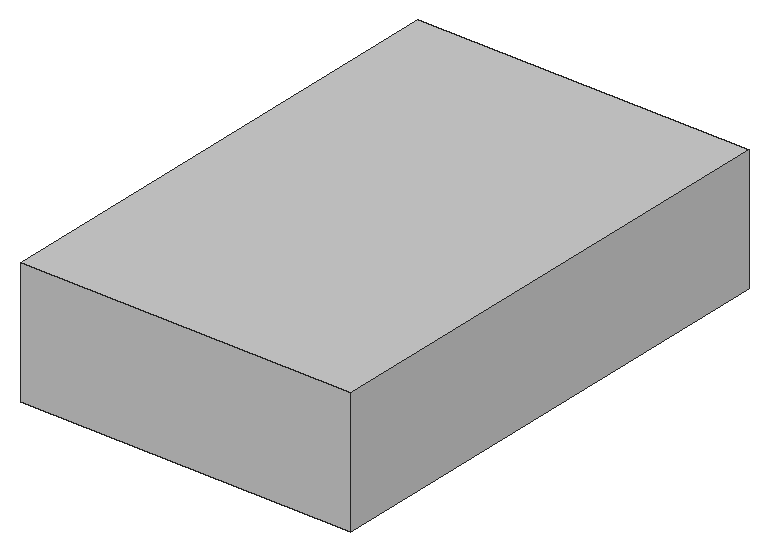
Revit family "ef5256c5f3c74f64a48f239b38b805f1", category Structural Foundations, Revit 2021
Family settings
  Material for Model Behavior = Other
  Cap = No
  OmniClass Number = 23.25.05.17
  OmniClass Title = Shallow Foundations
  Seek Item ID = Footing-Rectangular-0000-USA-ENU
  Work Plane-Based = No
  Always vertical = Yes
  Cut with Voids When Loaded = No
  Shared = No
Parameters (values of type "72" x 48" x 18"")
  Width = 4' - 0"
  Structural Material [instance] = Concrete, Cast-in-Place gray
  Length = 6' - 0"
  Foundation Thickness = 1' - 6"
  Assembly Code = "A1010100"
Types (3): name | Width | Length
  (no name) | 4' - 0" | 6' - 0"
  72" x 48" x 18" | 4' - 0" | 6' - 0"
  96" x 72" x 18" | 6' - 0" | 8' - 0"
Reference planes (in)
  plane 1 "Center (Front/Back)": y = 0
  plane 2: z = 0
  plane 3 "Center (Left/Right)": x = 0
  plane 4: x = -24
  plane 5: x = 24
  plane 6: y = 36
  plane 7: y = -36
Forms (in)
  Extrusion 1, solid, material "Concrete, Cast-in-Place gray" <- "Structural Material"
    sketch origin (0, 0, 0) x (1, 0, 0) y (0, 1, 0)
      loop
        line (-24, 36) -> (-24, -36) -> (24, -36) -> (24, 36) -> (-24, 36)
    from -18 to 0
Dimensions and locks (in)
  "Foundation Thickness": plane 2 to Extrusion 1
  "Width": plane 4 to plane 5
  "Length": plane 6 to plane 7
  equal spacing: plane 6, plane 1 "Center (Front/Back)", plane 7
  equal spacing: plane 4, plane 3 "Center (Left/Right)", plane 5
  aligned and locked: plane 4 to Extrusion 1 sketch curve
  aligned and locked: Extrusion 1 sketch curve to plane 5
  aligned and locked: Extrusion 1 sketch curve to plane 6
  aligned and locked: plane 7 to Extrusion 1 sketch curve
  aligned and locked: level to Extrusion 1
